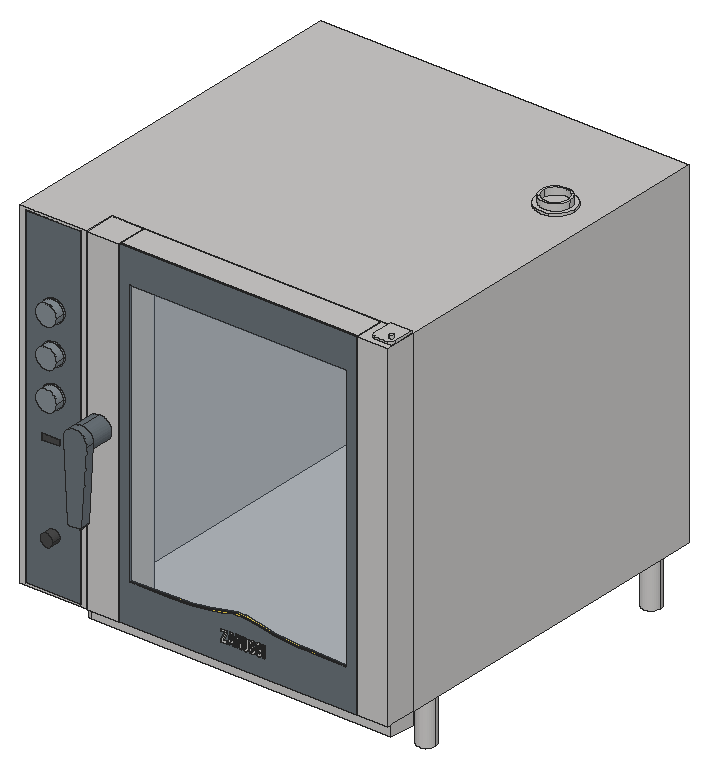
Revit family "QF_ZANUSSI_240455_ZFCE11CSCS", category Specialty Equipment, Revit 2023 (continued)
Definition of nested family "ZAN_DOOR_CROSSWISE_H820"
  Automatic sketch dimensions
    plane 9 to Extrusion 14 sketch curve = 57.166 mm
    plane 16 to Extrusion 14 sketch curve = 93.896 mm
    Extrusion 14 sketch curve to Extrusion 14 sketch curve = 0.343 mm
    Extrusion 14 sketch curve to Extrusion 14 sketch curve = 0.346 mm
    Extrusion 14 sketch curve to Extrusion 14 sketch curve = 1.209 mm
    Extrusion 14 sketch curve to Extrusion 14 sketch curve = 5.816 mm  (x2)
    Extrusion 14 sketch curve to Extrusion 14 sketch curve = 5.779 mm
    Extrusion 14 sketch curve to Extrusion 14 sketch curve = 5.783 mm
    Extrusion 15 sketch curve to Extrusion 15 sketch curve = 0 mm  (x13)
    Extrusion 15 sketch curve to plane 9 = 0 mm
    plane 13 to Extrusion 15 sketch curve = 0 mm
    Extrusion 15 sketch curve to plane 4 "Top" = 59.547 mm  (x2)
    plane 8 to Extrusion 15 sketch curve = 0.808 mm  (x2)
    plane 17 to Extrusion 15 sketch curve = 113.011 mm  (x2)
    Extrusion 15 sketch curve to Extrusion 15 sketch curve = 0.173 mm  (x2)
    Extrusion 15 sketch curve to Extrusion 15 sketch curve = 19.857 mm  (x2)
    Extrusion 15 sketch curve to Extrusion 15 sketch curve = 19.97 mm  (x2)
    plane 16 to Extrusion 15 sketch curve = 75.313 mm  (x2)
    Extrusion 15 sketch curve to Extrusion 15 sketch curve = 0.426 mm  (x2)
    Extrusion 15 sketch curve to Extrusion 15 sketch curve = 2.497 mm  (x2)
    Extrusion 15 sketch curve to Extrusion 15 sketch curve = 2.422 mm  (x2)
    plane 16 to Extrusion 15 sketch curve = 72.277 mm  (x2)
    plane 5 "Feet" to Extrusion 15 sketch curve = 14.106 mm
    Extrusion 15 sketch curve to Extrusion 15 sketch curve = 14.485 mm
    Extrusion 15 sketch curve to Extrusion 15 sketch curve = 15.571 mm
    Extrusion 15 sketch curve to level = 90.354 mm
    plane 13 to Extrusion 15 sketch curve = 172.943 mm
    Extrusion 15 sketch curve to Extrusion 15 sketch curve = 250.632 mm
    plane 13 to Extrusion 15 sketch curve = 38.728 mm
    plane 13 to Extrusion 15 sketch curve = 66.611 mm
    Extrusion 15 sketch curve to Extrusion 15 sketch curve = 79.596 mm
    Extrusion 15 sketch curve to Extrusion 15 sketch curve = 14.39 mm
    Extrusion 15 sketch curve to Extrusion 15 sketch curve = 0.048 mm  (x2)
    plane 13 to Extrusion 15 sketch curve = 105.804 mm
    Extrusion 15 sketch curve to Extrusion 15 sketch curve = 1.078 mm  (x2)
    Extrusion 15 sketch curve to Extrusion 15 sketch curve = 1.817 mm
    Extrusion 15 sketch curve to Extrusion 15 sketch curve = 0.955 mm  (x2)
    Extrusion 15 sketch curve to Extrusion 15 sketch curve = 20.088 mm
    Extrusion 15 sketch curve to Extrusion 15 sketch curve = 0.061 mm  (x2)
    plane 13 to Extrusion 15 sketch curve = 221.698 mm
    Extrusion 15 sketch curve to Extrusion 15 sketch curve = 28.998 mm
    Extrusion 15 sketch curve to Extrusion 15 sketch curve = 2.06 mm
    Extrusion 15 sketch curve to Extrusion 15 sketch curve = 0.191 mm
    Extrusion 15 sketch curve to Extrusion 15 sketch curve = 0.669 mm
    Extrusion 15 sketch curve to Extrusion 15 sketch curve = 1.051 mm
    Extrusion 15 sketch curve to Extrusion 15 sketch curve = 5.17 mm
    Extrusion 15 sketch curve to Extrusion 15 sketch curve = 63.165 mm
    Extrusion 15 sketch curve to Extrusion 15 sketch curve = 160.676 mm
    plane 9 to Extrusion 15 sketch curve = 132.574 mm
    plane 9 to Extrusion 15 sketch curve = 126.275 mm
    Extrusion 15 sketch curve to Extrusion 15 sketch curve = 0.216 mm
    Extrusion 15 sketch curve to Extrusion 15 sketch curve = 20.101 mm
    Extrusion 15 sketch curve to Extrusion 15 sketch curve = 14.439 mm
    plane 9 to Extrusion 15 sketch curve = 85.049 mm
    plane 9 to Extrusion 15 sketch curve = 57.166 mm
    plane 16 to Extrusion 15 sketch curve = 93.896 mm
    Extrusion 15 sketch curve to Extrusion 15 sketch curve = 0.343 mm
    Extrusion 15 sketch curve to Extrusion 15 sketch curve = 0.346 mm
    Extrusion 15 sketch curve to Extrusion 15 sketch curve = 1.209 mm
    Extrusion 15 sketch curve to Extrusion 15 sketch curve = 2.747 mm
    Extrusion 15 sketch curve to Extrusion 15 sketch curve = 2.745 mm  (x2)
    Extrusion 15 sketch curve to Extrusion 15 sketch curve = 2.666 mm
    Extrusion 15 sketch curve to Extrusion 15 sketch curve = 2.667 mm
    Extrusion 15 sketch curve to Extrusion 15 sketch curve = 5.816 mm  (x2)
    Extrusion 15 sketch curve to Extrusion 15 sketch curve = 2.231 mm
    Extrusion 15 sketch curve to Extrusion 15 sketch curve = 5.779 mm
    Extrusion 15 sketch curve to Extrusion 15 sketch curve = 5.783 mm
    Extrusion 15 sketch curve to Extrusion 15 sketch curve = 2.602 mm
    Extrusion 15 sketch curve to Extrusion 15 sketch curve = 2.603 mm
    Extrusion 2 sketch curve to plane 4 "Top" = 0 mm
    Extrusion 2 sketch curve to plane 8 = 0 mm
    Extrusion 2 sketch curve to plane 9 = 0 mm
    Extrusion 2 sketch curve to plane 5 "Feet" = 0 mm
    plane 8 to Extrusion 2 sketch curve = 0.808 mm  (x2)
    plane 17 to Extrusion 2 sketch curve = 113.011 mm  (x2)
    Extrusion 2 sketch curve to Extrusion 2 sketch curve = 40 mm  (x2)
    plane 16 to Extrusion 2 sketch curve = 72.816 mm
    Extrusion 2 sketch curve to Extrusion 2 sketch curve = 0.351 mm  (x2)
    plane 16 to Extrusion 2 sketch curve = 72.277 mm
    Extrusion 2 sketch curve to Extrusion 2 sketch curve = 0.187 mm  (x2)
    plane 5 "Feet" to Extrusion 2 sketch curve = 51.274 mm
    Extrusion 2 sketch curve to Extrusion 2 sketch curve = 0 mm  (x5)
    Extrusion 2 sketch curve to Extrusion 2 sketch curve = 15.473 mm
    plane 9 to Extrusion 2 sketch curve = 191.381 mm
    Extrusion 2 sketch curve to level = 340.986 mm
    plane 15 to Extrusion 2 sketch curve = 0 mm
    plane 13 to Extrusion 2 sketch curve = 66.611 mm
    plane 13 to Extrusion 2 sketch curve = 79.596 mm
    Extrusion 2 sketch curve to Extrusion 2 sketch curve = 14.439 mm  (x2)
    plane 13 to Extrusion 2 sketch curve = 107.621 mm
    Extrusion 2 sketch curve to Extrusion 2 sketch curve = 0.216 mm  (x2)
    Extrusion 2 sketch curve to Extrusion 2 sketch curve = 20.101 mm  (x2)
    Extrusion 2 sketch curve to Extrusion 2 sketch curve = 160.676 mm
    Extrusion 2 sketch curve to Extrusion 2 sketch curve = 137.516 mm
    Extrusion 2 sketch curve to Extrusion 2 sketch curve = 1.285 mm
    Extrusion 2 sketch curve to Extrusion 2 sketch curve = 0.691 mm
    Extrusion 2 sketch curve to Extrusion 2 sketch curve = 3.257 mm
    plane 9 to Extrusion 2 sketch curve = 132.574 mm
    plane 9 to Extrusion 2 sketch curve = 126.275 mm
    plane 9 to Extrusion 2 sketch curve = 85.049 mm
    Extrusion 2 sketch curve to plane 14 = 0 mm
    plane 16 to Extrusion 2 sketch curve = 90.843 mm
    Extrusion 2 sketch curve to Extrusion 2 sketch curve = 0.408 mm
    Extrusion 2 sketch curve to Extrusion 2 sketch curve = 0.411 mm
    Extrusion 2 sketch curve to Extrusion 2 sketch curve = 0.755 mm
    Extrusion 2 sketch curve to Extrusion 2 sketch curve = 0.758 mm
    Extrusion 2 sketch curve to Extrusion 2 sketch curve = 5.38 mm
    Extrusion 2 sketch curve to Extrusion 2 sketch curve = 6.15 mm
    Extrusion 2 sketch curve to Extrusion 2 sketch curve = 6.154 mm
    plane 13 to Extrusion 2 sketch curve = 0 mm
    plane 17 to Extrusion 14 sketch curve = 112.838 mm  (x2)
    Extrusion 14 sketch curve to level = 90.354 mm
    Extrusion 14 sketch curve to plane 3 "Center (Left/Right)" = 205.804 mm
    Extrusion 14 sketch curve to plane 3 "Center (Left/Right)" = 321.698 mm
    Extrusion 14 sketch curve to Extrusion 14 sketch curve = 138.871 mm
    Extrusion 14 sketch curve to Extrusion 14 sketch curve = 63.165 mm
    Extrusion 8 sketch curve to plane 17 = 0 mm
    Extrusion 8 sketch curve to plane 18 = 0 mm
    plane 18 to Extrusion 8 sketch curve = 11.817 mm
    Extrusion 8 sketch curve to Extrusion 8 sketch curve = 4.988 mm
    Extrusion 8 sketch curve to plane 17 = 1.756 mm
    Extrusion 8 sketch curve to plane 12 = 19.055 mm
    Extrusion 8 sketch curve to plane 18 = 11.817 mm
    Extrusion 8 sketch curve to Extrusion 8 sketch curve = 4.99 mm
    Extrusion 8 sketch curve to Extrusion 8 sketch curve = 176.899 mm
    Extrusion 8 sketch curve to Extrusion 8 sketch curve = 0 mm
    Extrusion 8 sketch curve to Extrusion 8 sketch curve = 0.313 mm
    Extrusion 8 sketch curve to plane 11 = 0.013 mm
    plane 1 "Center (Front/Back)" to curve 5 = 0 mm
    curve 8 to plane 3 "Center (Left/Right)" = 0 mm
    curve 14 to plane 3 "Center (Left/Right)" = 2.67 mm
    curve 12 to plane 3 "Center (Left/Right)" = 12.67 mm
    curve 16 to curve 13 = 4.431 mm
    curve 15 to curve 11 = 10 mm
    curve 4 to plane 12 = 11.987 mm
    curve 3 to plane 11 = 0.013 mm
    curve 6 to plane 11 = 0.004 mm
    curve 3 to curve 2 = 74.533 mm
    curve 13 to curve 16 = 8.081 mm
    curve 10 to plane 10 = 0 mm
    plane 9 to curve 9 = 0 mm
    curve 3 to curve 1 = 20 mm
    Extrusion 13 sketch curve to plane 6 "Front" = 0 mm
    Extrusion 13 sketch curve to plane 3 "Center (Left/Right)" = 0 mm
    Extrusion 13 sketch curve to plane 3 "Center (Left/Right)" = 17.33 mm
    plane 6 "Front" to Extrusion 13 sketch curve = 22.83 mm
    plane 11 to Extrusion 13 sketch curve = 0.004 mm
    curve 15 to plane 10 = 22.33 mm
    curve 3 to plane 6 "Front" = 75 mm
    plane 6 "Front" to curve 12 = 15 mm
    curve 18 to plane 6 "Front" = 0 mm
    curve 18 to plane 3 "Center (Left/Right)" = 0 mm
    curve 18 to curve 13 = 4.66 mm
    curve 18 to curve 13 = 2.17 mm
    curve 17 to curve 7 = 672.575 mm
    plane 11 to curve 18 = 0.004 mm
    radius of Extrusion 9 sketch curve = 28 mm
    radius of Extrusion 11 sketch curve = 5 mm
    radius of curve 16 = 5 mm
